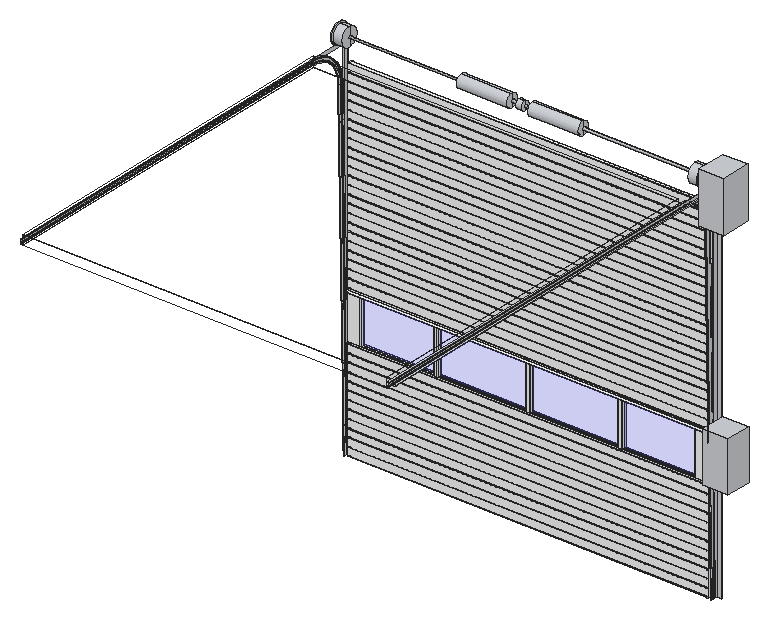
Revit family "EX3718 Complete Door - DraftA", category Doors, host Wall, Revit 2022
Family settings
  Host = Wall
  OmniClass Number = 23.30.10.17.37.14
  OmniClass Title = Sectional Overhead Doors
  Always vertical = Yes
  Cut with Voids When Loaded = No
  Shared = No
  Room Calculation Point = No
Parameters (values of type "By Type")
  Windload = "Doors available rated for various design pressures; consult Clopay for avaialbility and specifications"
  VisSection6 = NumSections = 6  # no
  VisSection5 = NumSections > 4  # yes
  VisSection4 = NumSections > 3  # yes
  VisSection3 = NumSections > 2  # yes
  VisArray = NumSections > 6  # yes
  URL = "www.clopaydoor.com"
  Track Type = Track - Standard Lift : 15" Radius
  Track = "Galvanized steel (gauge varies according to door size)"
  Thickness = 0' - 1 3/4"  # constant formula
  Spec Wizard = "http://www.arcat.com/specwizard/08360clo/index.htm"
  Section Height = Height / NumSections  # 2' - 0"
  Section 5 Glazing = Section : Solid
  Section 4 Glazing = Section : Solid
  Section 3 Glazing = Full Vision Section : Intermediate
  Sales Information = "http://www.clopaydoor.com/where-to-buy.aspx?type=dealer"
  Rough Width = 0' - 0"  # constant formula
  Rough Height = 0' - 0"  # constant formula
  Roof Pitch = 0
  R-Value = "15.05"
  Product Features and Benefits = "http://www.clopaydoor.com/insulated-polyurethane-applications.aspx"
  Overlapping Jamb = yes
  Overlap = if(Overlapping Jamb, 0' 1", 0' 0")  # 0' - 1"
  Opening Width = 14' - 2"
  Opening Height = 14' - 0"
  Opener - Right Side = yes
  Opener - Left Side = not([Opener - Right Side])  # no
  Omniclass Table = "23-30 10 17 37 "
  NumSectionsNotRounded = Height / 2' 0"  # 7
  NumSections = NumSectionsNotRounded + 0.4999  # 7
  NumArraySections = if(NumSections > 6, NumSections - 5, 2)  # 2
  Model = "3718"
  Minimum Size = "8' 0'' wide x 7' 0'' high"  # constant formula
  Maximum Size = "16' 2'' wide x 14' 0'' high"  # constant formula
  Manufacturer Website = "http://www.clopaydoor.com"
  Manufacturer Phone Number = "1-800-526-4301"
  Manufacturer Address = "1400 W. Market St., Troy, OH 45373"
  Manufacturer = "Clopay Building Products Company"
  LEED = "http://products.construction.com/swts_content_files/151607/303186.pdf"
  Keynote = "08 36 13"
  Interior Steel = "27 ga. galvanized, primed, and finish painted"
  High Lift = 12' - 0"
  Hardware = "14 ga. min. steel hinges; 10-ball steel rollers"
  GreenFormat = "http://www.greenformat.com/products/1536-Polyurethane%20Insulated%20Doors.rtf"
  Function = Interior
  Height = Opening Height + Rough Width * 0  # 14' - 0"
  Wall Closure = By host
  Width = Opening Width + Rough Width * 0  # 14' - 2"
  FloorToSection7 = 6 * Section Height  # 12' - 0"
  FloorToSection6 = 5 * Section Height  # 10' - 0"
  FloorToSection5 = 4 * Section Height  # 8' - 0"
  FloorToSection4 = 3 * Section Height  # 6' - 0"
  FloorToSection3 = 2 * Section Height  # 4' - 0"
  FloorToSection2 = Section Height  # 2' - 0"
  File Revision = "02 (August, 2012)"
  Exterior Steel = "27 ga. galvanized, primed, and finish painted"
  Double End Stiles = 1 = 1  # yes
  Door Width = Opening Width + Overlap * 2  # 14' - 4"
  Door Height = Opening Height + Rough Width * 0  # 14' - 0"
  Description = "1-3/4'' thick polyurethane insulated, stucco embossed 20 gauge steel flush exterior."
  Core Material = "Expanded polyurethane"
  Copyright = "2010, Clopay Building Products Company, Inc."
  Control Box Right Side = [Opener - Right Side]  # yes
  Control Box Left Side = [Opener - Left Side]  # no
  Color = White
  CAD and Specifications = "http://www.clopaydoor.com/insulated-polyurethane-specs.aspx"
  Assembly Code = "B2030410"
Reference planes (in)
  plane 1 "Center (Front/Back)": y = 0
  plane 2 "Center (Left/Right)": x = 0
  plane 3 "Left": x = -85
  plane 4 "Right": x = 85
  plane 5 "Top": z = 168
  plane 6 "Exterior": y = 3
  plane 7 "Interior": y = -3
  plane 8: z = 120
  plane 9: z = 144
Lines and regions (in)
  Opening 1
    outline origin (-90, -3, 0) x (1, 0, 0) y (0, 0, 1)
      loop
        line (5, 0) -> (175, 0) -> (175, 168) -> (5, 168) -> (5, 0)
Text (in)
  text "Exterior" at (-74.96733, 27.31104, 0), in view "Ref. Level"
  text "Interior" at (-74.96733, -25.14366, 0), in view "Ref. Level"
  text "Exterior" at (0, 40.15149, 123.01588), in view "Right"
  text "Interior" at (0, -64.39139, 123.01588), in view "Right"
  text "Interior" at (0, -31.01599, 123.00693), in view "Left"
  text "Exterior" at (0, 54.57065, 123.00693), in view "Left"
Dimensions and locks (in)
  equal spacing: plane 3 "Left", plane 2 "Center (Left/Right)", plane 4 "Right"
  "Height": level to plane 5 "Top"
  "Width": plane 3 "Left" to plane 4 "Right"
  host wall to plane 5 "Top" = 14' - 0"
  nested 1 to plane 7 "Interior" = 0' - 0 1/2"
  "FloorToSection6": plane 8 to level
  "FloorToSection7": plane 9 to level
  group 1 to group 2 = 0' - 0"  (x2)
  group 1 to group 2 = 2' - 0"
  host wall to host wall = 67' - 6"
  aligned and locked: plane 3 "Left" to Opening 1 sketch curve
  aligned and locked: plane 5 "Top" to Opening 1 sketch curve
  aligned and locked: Opening 1 sketch curve to plane 5 "Top"
  aligned and locked: Opening 1 sketch curve to plane 4 "Right"
  aligned and locked: Opening 1 sketch curve to level
  aligned and locked: plane 6 "Exterior" to host wall
  aligned and locked: host wall to plane 7 "Interior"
  aligned and locked: plane 2 "Center (Left/Right)" to nested 2
  aligned and locked: plane 2 "Center (Left/Right)" to nested 3
  aligned and locked: plane 2 "Center (Left/Right)" to nested 4
  aligned and locked: plane 2 "Center (Left/Right)" to nested 5
  aligned and locked: plane 2 "Center (Left/Right)" to nested 7
  aligned and locked: nested 7 to plane 8
  aligned and locked: nested 8 to plane 9
  aligned and locked: plane 7 "Interior" to nested 2
  aligned and locked: plane 7 "Interior" to nested 7
  aligned and locked: host wall to nested 8
  aligned and locked: plane 7 "Interior" to nested 3
  aligned and locked: host wall to nested 3
  aligned and locked: plane 7 "Interior" to nested 1
  aligned and locked: nested 2 to host wall
  aligned and locked: plane 7 "Interior" to nested 6
  aligned and locked: plane 7 "Interior" to nested 5
  aligned and locked: host wall to nested 7
  aligned and locked: plane 7 "Interior" to nested 4
  aligned and locked: nested 11 to plane 2 "Center (Left/Right)"
Nested families (in)
  nested 1: "Section" at (0, 0, 0), type "Solid"
    with X9 0' - 8 1/2", X8 0' - 8 1/2", X7 0' - 8 1/2", X6 0' - 8 1/2", X5 0' - 8 1/2", X4 11' - 8 1/2", X3 8' - 0 1/2", X2 4' - 4 1/2", WindowVis no, WindowCutDepth -0' - 0 13/128", Half Door Width Neg -7' - 2", Half Door Width 7' - 2", Half Cutout Height 0' - 3 1/2", X1 0' - 8 1/2", Door Width 14' - 4", Cutout Height 0' - 7"
  nested 2: "Section" at (0, 0, 24), built-in parameter 1001364 <- "Section Height", type "Solid"
    with X9 0' - 8 1/2", X8 0' - 8 1/2", X7 0' - 8 1/2", X6 0' - 8 1/2", X5 0' - 8 1/2", X4 11' - 8 1/2", X3 8' - 0 1/2", X2 4' - 4 1/2", WindowVis no, WindowCutDepth -0' - 0 13/128", Half Door Width Neg -7' - 2", Half Door Width 7' - 2", Half Cutout Height 0' - 3 1/2", X1 0' - 8 1/2", Door Width 14' - 4", Cutout Height 0' - 7"
  nested 3: "Full Vision Section" at (0, 0, 48), type <- "Section 3 Glazing", built-in parameter 1001364 <- "FloorToSection3", visible <- "VisSection3", type "Intermediate"
    with SingleStileVis no, Rail Width 14' - 3 13/16", NumIntStiles 3, Half Rail Width 7' - 1 29/32", Half Door Width 7' - 2", Glass Width 14' - 2 13/16", End Stile Face 0' - 6", Edge to 1st Int Stile 3' - 6", Double End Stiles yes, Door Width 14' - 4", ArrayStileVis yes, ArrayIntStiles 3
  nested 4: "Section" at (0, 0, 120), built-in parameter 1001364 <- "FloorToSection6", visible <- "VisSection6", type "Solid"
    with X9 0' - 8 1/2", X8 0' - 8 1/2", X7 0' - 8 1/2", X6 0' - 8 1/2", X5 0' - 8 1/2", X4 11' - 8 1/2", X3 8' - 0 1/2", X2 4' - 4 1/2", WindowVis no, WindowCutDepth -0' - 0 13/128", Half Door Width Neg -7' - 2", Half Door Width 7' - 2", Half Cutout Height 0' - 3 1/2", X1 0' - 8 1/2", Door Width 14' - 4", Cutout Height 0' - 7"
  nested 5: "Section" at (0, 0, 96), built-in parameter 1001364 <- "FloorToSection5", type <- "Section 5 Glazing", visible <- "VisSection5", type "Solid"
    with X9 0' - 8 1/2", X8 0' - 8 1/2", X7 0' - 8 1/2", X6 0' - 8 1/2", X5 0' - 8 1/2", X4 11' - 8 1/2", X3 8' - 0 1/2", X2 4' - 4 1/2", WindowVis no, WindowCutDepth -0' - 0 13/128", Half Door Width Neg -7' - 2", Half Door Width 7' - 2", Half Cutout Height 0' - 3 1/2", X1 0' - 8 1/2", Door Width 14' - 4", Cutout Height 0' - 7"
  nested 6: "Section" at (0, 0, 72), type <- "Section 4 Glazing", built-in parameter 1001364 <- "FloorToSection4", visible <- "VisSection4", type "Solid"
    with X9 0' - 8 1/2", X8 0' - 8 1/2", X7 0' - 8 1/2", X6 0' - 8 1/2", X5 0' - 8 1/2", X4 11' - 8 1/2", X3 8' - 0 1/2", X2 4' - 4 1/2", WindowVis no, WindowCutDepth -0' - 0 13/128", Half Door Width Neg -7' - 2", Half Door Width 7' - 2", Half Cutout Height 0' - 3 1/2", X1 0' - 8 1/2", Door Width 14' - 4", Cutout Height 0' - 7"
  nested 7: "Section" at (0, 0, 120), visible <- "VisArray", type "Solid"
    with X9 0' - 8 1/2", X8 0' - 8 1/2", X7 0' - 8 1/2", X6 0' - 8 1/2", X5 0' - 8 1/2", X4 11' - 8 1/2", X3 8' - 0 1/2", X2 4' - 4 1/2", WindowVis no, WindowCutDepth -0' - 0 13/128", Half Door Width Neg -7' - 2", Half Door Width 7' - 2", Half Cutout Height 0' - 3 1/2", X1 0' - 8 1/2", Door Width 14' - 4", Cutout Height 0' - 7"
  nested 8: "Section" at (0, 0, 144), visible <- "VisArray", type "Solid"
    with X9 0' - 8 1/2", X8 0' - 8 1/2", X7 0' - 8 1/2", X6 0' - 8 1/2", X5 0' - 8 1/2", X4 11' - 8 1/2", X3 8' - 0 1/2", X2 4' - 4 1/2", WindowVis no, WindowCutDepth -0' - 0 13/128", Half Door Width Neg -7' - 2", Half Door Width 7' - 2", Half Cutout Height 0' - 3 1/2", X1 0' - 8 1/2", Door Width 14' - 4", Cutout Height 0' - 7"
  nested 9: "Section" at (0, 4.67704, 636.93806), type "Windows - 24x8", not visible
    with X9 0' - 8 1/2", X8 0' - 8 1/2", X7 0' - 8 1/2", X6 0' - 8 1/2", X5 0' - 8 1/2", X4 11' - 8 1/2", X3 8' - 0 1/2", X2 4' - 4 1/2", Half Door Width Neg -7' - 2", Half Door Width 7' - 2", Half Cutout Height 0' - 3 1/2", X1 0' - 8 1/2", Door Width 14' - 4", Cutout Height 0' - 7"
  nested 10: "Section" at (0, 4.63986, 609.3176), type "Windows - 24x12", not visible
    with X9 0' - 8 1/2", X8 0' - 8 1/2", X7 0' - 8 1/2", X6 0' - 8 1/2", X5 0' - 8 1/2", X4 11' - 8 1/2", X3 8' - 0 1/2", X2 4' - 4 1/2", Half Door Width Neg -7' - 2", Half Door Width 7' - 2", X1 0' - 8 1/2", Door Width 14' - 4"
  nested 11: "Track - Standard Lift" at (0, 0, 0) x (-1, 0, 0) z (0, 0, 1), type <- "Track Type", type "15" Radius"
    with Operator - Jack Shaft Right yes, Operator - Jack Shaft Left no
Definition of nested family "Section"
  Parameters
    X9 = if(if(NumArrayedWindows < NumWindows, NumArrayedWindows + 1, NumWindows) < 9, X1, X8 + WindowSpacing)  # 0' - 7 1/2"
    X8 = if(if(NumArrayedWindows < NumWindows, NumArrayedWindows + 1, NumWindows) < 8, X1, X7 + WindowSpacing)  # 0' - 7 1/2"
    X7 = if(if(NumArrayedWindows < NumWindows, NumArrayedWindows + 1, NumWindows) < 7, X1, X6 + WindowSpacing)  # 0' - 7 1/2"
    X6 = if(if(NumArrayedWindows < NumWindows, NumArrayedWindows + 1, NumWindows) < 6, X1, X5 + WindowSpacing)  # 0' - 7 1/2"
    X5 = if(if(NumArrayedWindows < NumWindows, NumArrayedWindows + 1, NumWindows) < 5, X1, X4 + WindowSpacing)  # 0' - 7 1/2"
    X4 = if(if(NumArrayedWindows < NumWindows, NumArrayedWindows + 1, NumWindows) < 4, X1, X3 + WindowSpacing)  # 11' - 7 1/2"
    X3 = if(NumWindows < 3, X1, X2 + WindowSpacing)  # 7' - 11 1/2"
    X2 = if(NumWindows < 2, ((Door Width - (NumWindows - 1) * WindowSpacing) / 2 - Cutout Width / 2), ((Door Width - (NumWindows - 1) * WindowSpacing) / 2 - Cutout Width / 2) + WindowSpacing)  # 4' - 3 1/2"
    Windows = 37xx Window Array : 24x12
    WindowVis = yes
    WindowSpacing = if(and(Door Width < 10' 0", Door Width > 9' 2"), 3' 4", 3' 8")  # 3' - 8"
    WindowCutDepth = 0' - 2"
    Section Height = 2' - 0"
    RibSpacing = Section Height / (NumRibs + 1)  # 0' - 4"
    NumWindows = if(Door Width < 9' 4", 2, if(Door Width < 13' 4", 3, if(Door Width < 16' 4", 4, if(Door Width < 20' 4", 5, if(Door Width < 24' 4", 6, if(Door Width < 26' 4", 7, if(Door Width < 31' 8", 8, 10)))))))  # 4
    NumRibs = if(Section Height < 1' 9", 3, if(Section Height < 2' 0", 4, 5))  # 5
    NumArrayedWindows = if(X2 = X1, NumWindows - 2, NumWindows)  # 4
    Half Section Height = Section Height / 2  # 1' - 0"
    Half Door Width Neg = -Half Door Width  # -7' - 1"
    Half Door Width = Door Width / 2  # 7' - 1"
    Half Cutout Height = Cutout Height / 2  # 0' - 5 1/2"
    Function = (empty or 0)
    Height = 0' - 0"
    Wall Closure = (empty or 0)
    Width = 0' - 0"
    X1 = if(or(Door Width > 31' 6", and(Door Width > 26' 2", Door Width < 28' 1"), Door Width = 24' 3", Door Width = 24' 4", and(Door Width > 20' 2", Door Width < 20' 11"), and(Door Width > 16' 2", Door Width < 17' 3")), X2, (Door Width - (NumWindows - 1) * WindowSpacing) / 2 - Cutout Width / 2)  # 0' - 7 1/2"
    Door Width = 14' - 2"
    CutoutToCutout = 1' - 0"
    Cutout Width = 1' - 11"
    Cutout Height = 0' - 11"
    Color = none
    BtmTo1stRib = RibSpacing  # 0' - 4"
    Assembly Code = ""
  Reference planes (in)
    plane 1 "Center (Front/Back)": y = 0
    plane 2 "Center (Left/Right)": x = 0
    plane 3 "Exterior": y = 3
    plane 4 "Interior": y = -3
    plane 5: y = -3.5
    plane 6: x = 85
    plane 7: x = -85
    plane 8: z = 4
    plane 9: z = 8
    plane 10: z = 24
    plane 11: z = 12
    plane 12: z = 0
  Forms (in)
    Extrusion 1, solid, material <- "Color"
      sketch origin (-85, -12, 83.08252) x (0, 0, 1) y (0, -1, 0)
        loop
          line (-59.08252, -8.37573) -> (-59.08252, -6.62444)
          arc (-59.08252, -6.62444) -> (-59.11897, -6.53645) -> (-59.20696, -6.5) r 0.12444
          line (-59.20696, -6.5) -> (-82.95809, -6.5)
          arc (-82.95809, -6.5) -> (-83.04608, -6.53645) -> (-83.08252, -6.62444) r 0.12444
          line (-83.08252, -6.62444) -> (-83.08252, -8.37573)
          arc (-83.08252, -8.37573) -> (-83.04612, -8.4636) -> (-82.95825, -8.5) r 0.12427
          line (-82.95825, -8.5) -> (-59.20679, -8.5)
          arc (-59.20679, -8.5) -> (-59.11892, -8.4636) -> (-59.08252, -8.37573) r 0.12427
      from 0 to 170 <- "Door Width"
    Extrusion 2, void
      sketch origin (0, -8.99984, -0.5) x (0, 1, 0) y (0, 0, -1)
        loop
          line (3.5, -4.62727) -> (3.53032, -4.58058)
          arc (3.53032, -4.58058) -> (3.53753, -4.56494) -> (3.54, -4.5479) r 0.06
          line (3.54, -4.5479) -> (3.54, -4.4521)
          arc (3.54, -4.4521) -> (3.53753, -4.43506) -> (3.53032, -4.41942) r 0.06
          line (3.53032, -4.41942) -> (3.5, -4.37273) -> (3.5, -4.62727)
      from -85 <- "Half Door Width Neg" to 170 <- "Door Width"
    Extrusion 3, void
      sketch origin (0, -8.99984, 3.5) x (0, 1, 0) y (0, 0, -1)
        loop
          line (3.5, -4.62727) -> (3.53032, -4.58058)
          arc (3.53032, -4.58058) -> (3.53753, -4.56494) -> (3.54, -4.5479) r 0.06
          line (3.54, -4.5479) -> (3.54, -4.4521)
          arc (3.54, -4.4521) -> (3.53753, -4.43506) -> (3.53032, -4.41942) r 0.06
          line (3.53032, -4.41942) -> (3.5, -4.37273) -> (3.5, -4.62727)
      from -85 <- "Half Door Width Neg" to 170 <- "Door Width"
    Extrusion 4, void
      sketch origin (0, -8.99984, 7.5) x (0, 1, 0) y (0, 0, -1)
        loop
          line (3.5, -4.62727) -> (3.53032, -4.58058)
          arc (3.53032, -4.58058) -> (3.53753, -4.56494) -> (3.54, -4.5479) r 0.06
          line (3.54, -4.5479) -> (3.54, -4.4521)
          arc (3.54, -4.4521) -> (3.53753, -4.43506) -> (3.53032, -4.41942) r 0.06
          line (3.53032, -4.41942) -> (3.5, -4.37273) -> (3.5, -4.62727)
      from -85 <- "Half Door Width Neg" to 170 <- "Door Width"
    Extrusion 5, void
      sketch origin (-98.15385, -3.5, 48) x (1, 0, 0) y (0, 0, 1)
        loop
          line (175.65385, -30.5) -> (152.65385, -30.5) -> (152.65385, -36) -> (175.65385, -36) -> (175.65385, -30.5)
      from 0 to 2 <- "WindowCutDepth"
    Extrusion 6, void
      sketch origin (-98.15385, -3.5, -24) x (1, 0, 0) y (0, 0, 1)
        loop
          line (175.65385, 30.5) -> (175.65385, 36) -> (152.65385, 36) -> (152.65385, 30.5) -> (175.65385, 30.5)
      from 0 to 2 <- "WindowCutDepth"
    Extrusion 7, void
      sketch origin (-136.15385, -3.5, 48) x (1, 0, 0) y (0, 0, 1)
        loop
          line (169.65385, -30.5) -> (146.65385, -30.5) -> (146.65385, -36) -> (169.65385, -36) -> (169.65385, -30.5)
      from 0 to 2 <- "WindowCutDepth"
    Extrusion 8, void
      sketch origin (-136.15385, -3.5, -24) x (1, 0, 0) y (0, 0, 1)
        loop
          line (169.65385, 30.5) -> (169.65385, 36) -> (146.65385, 36) -> (146.65385, 30.5) -> (169.65385, 30.5)
      from 0 to 2 <- "WindowCutDepth"
    Extrusion 9, void
      sketch origin (-171.15385, -3.5, 48) x (1, 0, 0) y (0, 0, 1)
        loop
          line (160.65385, -30.5) -> (137.65385, -30.5) -> (137.65385, -36) -> (160.65385, -36) -> (160.65385, -30.5)
      from 0 to 2 <- "WindowCutDepth"
    Extrusion 10, void
      sketch origin (-171.15385, -3.5, -24) x (1, 0, 0) y (0, 0, 1)
        loop
          line (160.65385, 30.5) -> (160.65385, 36) -> (137.65385, 36) -> (137.65385, 30.5) -> (160.65385, 30.5)
      from 0 to 2 <- "WindowCutDepth"
    Extrusion 11, void
      sketch origin (-214.15385, -3.5, 48) x (1, 0, 0) y (0, 0, 1)
        loop
          line (159.65385, -30.5) -> (136.65385, -30.5) -> (136.65385, -36) -> (159.65385, -36) -> (159.65385, -30.5)
      from 0 to 2 <- "WindowCutDepth"
    Extrusion 12, void
      sketch origin (-214.15385, -3.5, -24) x (1, 0, 0) y (0, 0, 1)
        loop
          line (159.65385, 30.5) -> (159.65385, 36) -> (136.65385, 36) -> (136.65385, 30.5) -> (159.65385, 30.5)
      from 0 to 2 <- "WindowCutDepth"
    Extrusion 13, void
      sketch origin (-256.15385, -3.5, 48) x (1, 0, 0) y (0, 0, 1)
        loop
          line (333.65385, -30.5) -> (310.65385, -30.5) -> (310.65385, -36) -> (333.65385, -36) -> (333.65385, -30.5)
      from 0 to 2 <- "WindowCutDepth"
    Extrusion 14, void
      sketch origin (-256.15385, -3.5, -24) x (1, 0, 0) y (0, 0, 1)
        loop
          line (333.65385, 30.5) -> (333.65385, 36) -> (310.65385, 36) -> (310.65385, 30.5) -> (333.65385, 30.5)
      from 0 to 2 <- "WindowCutDepth"
    Extrusion 15, void
      sketch origin (-294.15385, -3.5, 48) x (1, 0, 0) y (0, 0, 1)
        loop
          line (371.65385, -30.5) -> (348.65385, -30.5) -> (348.65385, -36) -> (371.65385, -36) -> (371.65385, -30.5)
      from 0 to 2 <- "WindowCutDepth"
    Extrusion 16, void
      sketch origin (-294.15385, -3.5, -24) x (1, 0, 0) y (0, 0, 1)
        loop
          line (371.65385, 30.5) -> (371.65385, 36) -> (348.65385, 36) -> (348.65385, 30.5) -> (371.65385, 30.5)
      from 0 to 2 <- "WindowCutDepth"
    Extrusion 17, void
      sketch origin (-331.15385, -3.5, 48) x (1, 0, 0) y (0, 0, 1)
        loop
          line (408.65385, -30.5) -> (385.65385, -30.5) -> (385.65385, -36) -> (408.65385, -36) -> (408.65385, -30.5)
      from 0 to 2 <- "WindowCutDepth"
    Extrusion 18, void
      sketch origin (-331.15385, -3.5, -24) x (1, 0, 0) y (0, 0, 1)
        loop
          line (408.65385, 30.5) -> (408.65385, 36) -> (385.65385, 36) -> (385.65385, 30.5) -> (408.65385, 30.5)
      from 0 to 2 <- "WindowCutDepth"
    Extrusion 19, void
      sketch origin (-368.15385, -3.5, 48) x (1, 0, 0) y (0, 0, 1)
        loop
          line (445.65385, -30.5) -> (422.65385, -30.5) -> (422.65385, -36) -> (445.65385, -36) -> (445.65385, -30.5)
      from 0 to 2 <- "WindowCutDepth"
    Extrusion 20, void
      sketch origin (-368.15385, -3.5, -24) x (1, 0, 0) y (0, 0, 1)
        loop
          line (445.65385, 30.5) -> (445.65385, 36) -> (422.65385, 36) -> (422.65385, 30.5) -> (445.65385, 30.5)
      from 0 to 2 <- "WindowCutDepth"
    Extrusion 21, void
      sketch origin (-407.15385, -3.5, 48) x (1, 0, 0) y (0, 0, 1)
        loop
          line (484.65385, -30.5) -> (461.65385, -30.5) -> (461.65385, -36) -> (484.65385, -36) -> (484.65385, -30.5)
      from 0 to 2 <- "WindowCutDepth"
    Extrusion 22, void
      sketch origin (-407.15385, -3.5, -24) x (1, 0, 0) y (0, 0, 1)
        loop
          line (484.65385, 30.5) -> (484.65385, 36) -> (461.65385, 36) -> (461.65385, 30.5) -> (484.65385, 30.5)
      from 0 to 2 <- "WindowCutDepth"
    Extrusion 23, void
      sketch origin (0, -8.99984, 11.5) x (0, 1, 0) y (0, 0, -1)
        loop
          line (3.5, -4.62727) -> (3.53032, -4.58058)
          arc (3.53032, -4.58058) -> (3.53753, -4.56494) -> (3.54, -4.5479) r 0.06
          line (3.54, -4.5479) -> (3.54, -4.4521)
          arc (3.54, -4.4521) -> (3.53753, -4.43506) -> (3.53032, -4.41942) r 0.06
          line (3.53032, -4.41942) -> (3.5, -4.37273) -> (3.5, -4.62727)
      from -85 <- "Half Door Width Neg" to 170 <- "Door Width"
    Extrusion 24, void
      sketch origin (0, -8.99984, 15.5) x (0, 1, 0) y (0, 0, -1)
        loop
          line (3.5, -4.62727) -> (3.53032, -4.58058)
          arc (3.53032, -4.58058) -> (3.53753, -4.56494) -> (3.54, -4.5479) r 0.06
          line (3.54, -4.5479) -> (3.54, -4.4521)
          arc (3.54, -4.4521) -> (3.53753, -4.43506) -> (3.53032, -4.41942) r 0.06
          line (3.53032, -4.41942) -> (3.5, -4.37273) -> (3.5, -4.62727)
      from -85 <- "Half Door Width Neg" to 170 <- "Door Width"
  Cuts and joins
    Extrusion 2, Extrusion 3, Extrusion 4, Extrusion 5, Extrusion 6, Extrusion 7, Extrusion 8, Extrusion 9, Extrusion 10, Extrusion 11, Extrusion 12, Extrusion 13, Extrusion 14, Extrusion 15, Extrusion 16, Extrusion 17, Extrusion 18, Extrusion 19, Extrusion 20, Extrusion 21, Extrusion 22, Extrusion 23, Extrusion 24 cuts Extrusion 1
  Lines and regions (in)
    reference lines
      curve 1: line (-72, -3.54, 4) -> (-72, -3.5, 4)
      curve 2: line (-72, -5.45984, 4) -> (-72, -5.49984, 4)
      curve 3: line (-72, -3.54, 8) -> (-72, -3.5, 8)
      curve 4: line (-72, -3.54, 12) -> (-72, -3.5, 12)
      curve 5: line (-72, -5.45984, 4) -> (-72, -5.49984, 4)
      curve 6: line (-72, -5.45984, 8) -> (-72, -5.49984, 8)
      curve 7: line (-72, -5.45984, 12) -> (-72, -5.49984, 12)
      curve 8: line (-72, -3.54, 16) -> (-72, -3.5, 16)
      curve 9: line (-72, -5.45984, 16) -> (-72, -5.49984, 16)
      curve 10: line (-72, -3.54, 20) -> (-72, -3.5, 20)
      curve 11: line (-72, -5.45984, 20) -> (-72, -5.49984, 20)
  Text (in)
    text "Exterior" at (-74.96733, 27.31104, 0), in view "Ref. Level"
    text "Interior" at (-74.96733, -25.14366, 0), in view "Ref. Level"
    text "Exterior" at (0, 40.15149, 123.01588), in view "Right"
    text "Interior" at (0, -64.39139, 123.01588), in view "Right"
    text "Interior" at (0, -31.01599, 123.00693), in view "Left"
    text "Exterior" at (0, 54.57065, 123.00693), in view "Left"
  Dimensions and locks (in)
    plane 4 "Interior" to plane 5 = 0' - 0 1/2"
    "Half Door Width": plane 2 "Center (Left/Right)" to plane 7
    "Half Door Width": plane 6 to plane 2 "Center (Left/Right)"
    Extrusion 1 sketch curve to Extrusion 1 sketch curve = 0' - 2"
    "BtmTo1stRib": plane 8 to level
    "RibSpacing": plane 9 to plane 8
    "Section Height": plane 10 to level
    equal spacing: group 1, group 2, group 3, group 4, group 5  (x3)
    Extrusion 2 sketch curve to Extrusion 2 sketch curve = 0' - 0.25454"
    Extrusion 2 sketch curve to Extrusion 2 sketch curve = 0' - 0.04"  (x2)
    Extrusion 2 sketch curve to curve 5 = 0' - 0.12727"
    Extrusion 3 sketch curve to Extrusion 3 sketch curve = 0' - 0.25454"
    Extrusion 3 sketch curve to Extrusion 3 sketch curve = 0' - 0.04"  (x2)
    Extrusion 3 sketch curve to curve 6 = 0' - 0.12727"
    Extrusion 4 sketch curve to Extrusion 4 sketch curve = 0' - 0.25454"
    Extrusion 4 sketch curve to Extrusion 4 sketch curve = 0' - 0.04"  (x2)
    Extrusion 4 sketch curve to curve 7 = 0' - 0.12727"
    "Half Section Height": level to plane 11
    "Cutout Width": Extrusion 5 sketch curve to Extrusion 5 sketch curve
    "Half Cutout Height": Extrusion 5 sketch curve to Extrusion 5 sketch curve
    "Cutout Width": Extrusion 6 sketch curve to Extrusion 6 sketch curve
    "Half Cutout Height": Extrusion 6 sketch curve to Extrusion 6 sketch curve
    "X1": cut or joined group 1 (Extrusion 1, Extrusion 2, Extrusion 3, Extrusion 4, Extrusion 5, Extrusion 6, Extrusion 7, Extrusion 8, Extrusion 9, Extrusion 10, Extrusion 11, Extrusion 12, Extrusion 13, Extrusion 14, Extrusion 15, Extrusion 16, Extrusion 17, Extrusion 18, Extrusion 19, Extrusion 20, Extrusion 21, Extrusion 22, Extrusion 23, Extrusion 24) to cut or joined group 1
    "Cutout Width": Extrusion 7 sketch curve to Extrusion 7 sketch curve
    "Half Cutout Height": Extrusion 7 sketch curve to Extrusion 7 sketch curve
    "Cutout Width": Extrusion 8 sketch curve to Extrusion 8 sketch curve
    "Half Cutout Height": Extrusion 8 sketch curve to Extrusion 8 sketch curve
    "Cutout Width": Extrusion 9 sketch curve to Extrusion 9 sketch curve
    "Half Cutout Height": Extrusion 9 sketch curve to Extrusion 9 sketch curve
    "Cutout Width": Extrusion 10 sketch curve to Extrusion 10 sketch curve
    "Half Cutout Height": Extrusion 10 sketch curve to Extrusion 10 sketch curve
    "X2": plane 6 to cut or joined group 1
    "X3": plane 6 to cut or joined group 1
    "Cutout Width": Extrusion 11 sketch curve to Extrusion 11 sketch curve
    "Half Cutout Height": Extrusion 11 sketch curve to Extrusion 11 sketch curve
    "Cutout Width": Extrusion 12 sketch curve to Extrusion 12 sketch curve
    "Half Cutout Height": Extrusion 12 sketch curve to Extrusion 12 sketch curve
    "Cutout Width": Extrusion 13 sketch curve to Extrusion 13 sketch curve
    "Half Cutout Height": Extrusion 13 sketch curve to Extrusion 13 sketch curve
    "Cutout Width": Extrusion 14 sketch curve to Extrusion 14 sketch curve
    "Half Cutout Height": Extrusion 14 sketch curve to Extrusion 14 sketch curve
    "Cutout Width": Extrusion 15 sketch curve to Extrusion 15 sketch curve
    "Half Cutout Height": Extrusion 15 sketch curve to Extrusion 15 sketch curve
    "Cutout Width": Extrusion 16 sketch curve to Extrusion 16 sketch curve
    "Half Cutout Height": Extrusion 16 sketch curve to Extrusion 16 sketch curve
    "Cutout Width": Extrusion 17 sketch curve to Extrusion 17 sketch curve
    "Half Cutout Height": Extrusion 17 sketch curve to Extrusion 17 sketch curve
    "Cutout Width": Extrusion 18 sketch curve to Extrusion 18 sketch curve
    "Half Cutout Height": Extrusion 18 sketch curve to Extrusion 18 sketch curve
    "Cutout Width": Extrusion 19 sketch curve to Extrusion 19 sketch curve
    "Half Cutout Height": Extrusion 19 sketch curve to Extrusion 19 sketch curve
    "Cutout Width": Extrusion 20 sketch curve to Extrusion 20 sketch curve
    "Half Cutout Height": Extrusion 20 sketch curve to Extrusion 20 sketch curve
    "Cutout Width": Extrusion 21 sketch curve to Extrusion 21 sketch curve
    "Half Cutout Height": Extrusion 21 sketch curve to Extrusion 21 sketch curve
    "Cutout Width": Extrusion 22 sketch curve to Extrusion 22 sketch curve
    "Half Cutout Height": Extrusion 22 sketch curve to Extrusion 22 sketch curve
    "X4": plane 6 to cut or joined group 1
    "X5": plane 6 to cut or joined group 1
    "X6": plane 6 to cut or joined group 1
    "X7": plane 6 to cut or joined group 1
    "X8": plane 6 to cut or joined group 1
    "X9": plane 6 to cut or joined group 1
    locked: nested 1 to cut or joined group 1 at 1  (x2)
    locked: nested 1 to cut or joined group 1 at 0.125
    Extrusion 23 sketch curve to Extrusion 23 sketch curve = 0' - 0.25454"
    Extrusion 23 sketch curve to Extrusion 23 sketch curve = 0' - 0.04"  (x2)
    Extrusion 23 sketch curve to curve 9 = 0' - 0.12727"
    Extrusion 24 sketch curve to Extrusion 24 sketch curve = 0' - 0.25454"
    Extrusion 24 sketch curve to Extrusion 24 sketch curve = 0' - 0.04"  (x2)
    Extrusion 24 sketch curve to curve 11 = 0' - 0.12727"
    locked: plane 4 "Interior" to cut or joined group 1 at 0.5
    radius of Extrusion 1 sketch curve = 0' - 0.12427"  (x2)
    radius of Extrusion 1 sketch curve = 0' - 0.12444"  (x2)
    angle Extrusion 2 sketch curve to Extrusion 2 sketch curve = 147.00°  (x2)
    angle Extrusion 3 sketch curve to Extrusion 3 sketch curve = 147.00°  (x2)
    angle Extrusion 4 sketch curve to Extrusion 4 sketch curve = 147.00°  (x2)
    angle Extrusion 23 sketch curve to Extrusion 23 sketch curve = 147.00°  (x2)
    angle Extrusion 24 sketch curve to Extrusion 24 sketch curve = 147.00°  (x2)
    aligned and locked: Extrusion 1 sketch curve to plane 5
    aligned and locked: plane 8 to curve 1
    aligned and locked: plane 9 to curve 3
    aligned and locked: Extrusion 5 sketch curve to plane 11
    aligned and locked: plane 11 to Extrusion 6 sketch curve
    aligned and locked: cut or joined group 1 to cut or joined group 1  (x9)
    aligned and locked: plane 12 to level
  Automatic sketch dimensions
    curve 2 to curve 1 = 0' - 1.91984"
    curve 1 to curve 1 = 0' - 0.04"  (x2)
    curve 1 to curve 2 = 0' - 1.91984"
    curve 2 to curve 2 = 0' - 0.04"  (x2)
    curve 5 to curve 1 = 0' - 0"
    curve 1 to curve 5 = 0' - 1.91984"
    curve 5 to curve 5 = 0' - 0.04"
    Extrusion 2 sketch curve to Extrusion 2 sketch curve = 0' - 0"
    Extrusion 2 sketch curve to Extrusion 2 sketch curve = 0' - 0.02"
    Extrusion 2 sketch curve to Extrusion 2 sketch curve = 0' - 0.00968"  (x2)
    curve 6 to curve 3 = 0' - 0"
    curve 3 to curve 3 = 0' - 0.04"
    curve 3 to curve 6 = 0' - 1.91984"
    curve 6 to curve 6 = 0' - 0.04"
    curve 7 to curve 4 = 0' - 0"
    curve 4 to curve 4 = 0' - 0.04"
    curve 4 to curve 7 = 0' - 1.91984"
    curve 7 to curve 7 = 0' - 0.04"
    Extrusion 4 sketch curve to Extrusion 4 sketch curve = 0' - 0.00968"
    Extrusion 3 sketch curve to Extrusion 3 sketch curve = 0' - 0.00968"
    curve 2 to plane 8 = 0' - 0"
    curve 2 to plane 5 = 0' - 1.95984"
    Extrusion 5 sketch curve to plane 6 = 2' - 6 1/2"
    Extrusion 6 sketch curve to plane 6 = 2' - 6 1/2"
    Extrusion 7 sketch curve to plane 11 = 0' - 0"
    Extrusion 7 sketch curve to plane 6 = 6' - 2 1/2"
    Extrusion 8 sketch curve to plane 11 = 0' - 0"
    Extrusion 8 sketch curve to plane 6 = 6' - 2 1/2"
    Extrusion 9 sketch curve to plane 11 = 0' - 0"
    Extrusion 9 sketch curve to plane 6 = 9' - 10 1/2"
    Extrusion 10 sketch curve to plane 11 = 0' - 0"
    Extrusion 10 sketch curve to plane 6 = 9' - 10 1/2"
    Extrusion 11 sketch curve to plane 11 = 0' - 0"
    Extrusion 11 sketch curve to plane 2 "Center (Left/Right)" = 6' - 5 1/2"
    Extrusion 12 sketch curve to plane 11 = 0' - 0"
    Extrusion 12 sketch curve to plane 2 "Center (Left/Right)" = 6' - 5 1/2"
    Extrusion 13 sketch curve to plane 11 = 0' - 0"
    plane 2 "Center (Left/Right)" to Extrusion 13 sketch curve = 4' - 6 1/2"
    Extrusion 14 sketch curve to plane 11 = 0' - 0"
    plane 2 "Center (Left/Right)" to Extrusion 14 sketch curve = 4' - 6 1/2"
    Extrusion 15 sketch curve to plane 11 = 0' - 0"
    plane 2 "Center (Left/Right)" to Extrusion 15 sketch curve = 4' - 6 1/2"
    Extrusion 16 sketch curve to plane 11 = 0' - 0"
    plane 2 "Center (Left/Right)" to Extrusion 16 sketch curve = 4' - 6 1/2"
    Extrusion 17 sketch curve to plane 11 = 0' - 0"
    plane 2 "Center (Left/Right)" to Extrusion 17 sketch curve = 4' - 6 1/2"
    Extrusion 18 sketch curve to plane 11 = 0' - 0"
    plane 2 "Center (Left/Right)" to Extrusion 18 sketch curve = 4' - 6 1/2"
    Extrusion 19 sketch curve to plane 11 = 0' - 0"
    plane 7 to Extrusion 19 sketch curve = 11' - 7 1/2"
    Extrusion 20 sketch curve to plane 11 = 0' - 0"
    plane 7 to Extrusion 20 sketch curve = 11' - 7 1/2"
    Extrusion 21 sketch curve to plane 11 = 0' - 0"
    plane 7 to Extrusion 21 sketch curve = 11' - 7 1/2"
    Extrusion 22 sketch curve to plane 11 = 0' - 0"
    plane 7 to Extrusion 22 sketch curve = 11' - 7 1/2"
    Extrusion 1 sketch curve to plane 10 = 0' - 0"
    Extrusion 1 sketch curve to level = 0' - 0"
    curve 9 to curve 8 = 0' - 0"
    curve 8 to curve 8 = 0' - 0.04"
    curve 8 to curve 9 = 0' - 1.91984"
    curve 9 to curve 9 = 0' - 0.04"
    Extrusion 23 sketch curve to Extrusion 23 sketch curve = 0' - 0"
    Extrusion 23 sketch curve to Extrusion 23 sketch curve = 0' - 0.02"
    Extrusion 23 sketch curve to Extrusion 23 sketch curve = 0' - 0.00968"  (x2)
    curve 11 to curve 10 = 0' - 0"
    curve 10 to curve 10 = 0' - 0.04"
    curve 10 to curve 11 = 0' - 1.91984"
    curve 11 to curve 11 = 0' - 0.04"
    Extrusion 24 sketch curve to Extrusion 24 sketch curve = 0' - 0"
    Extrusion 24 sketch curve to Extrusion 24 sketch curve = 0' - 0.02"
    Extrusion 24 sketch curve to Extrusion 24 sketch curve = 0' - 0.00968"  (x2)
  Nested families (in)
    nested 1: "37xx Window Array" at (66, -3.375, 7.5) x (-1, 0, 0) z (0, 0, 1), type <- "Windows", visible <- "WindowVis", type "24x12"
      with NumWindows 4, Frame Height 1' - 1"
  Definition of nested family "37xx Window Array"
    Parameters
      Window Spacing = 3' - 8"
      NumWindows = 3
      Frame Width = 2' - 1"
      Frame Height = 0' - 9"
      Default Elevation = 0' - 0"
      Color = none
      Assembly Code = ""
    Reference planes (in)
      plane 1 "Center (Front/Back)": y = 0
      plane 2: z = 0
      plane 3 "Center (Left/Right)": x = 0
      plane 4: y = -1
    Forms (in)
      Extrusion 1, solid, material <- "Color"
        sketch origin (-1.38592, 0, 0) x (1, 0, 0) y (0, 0, 1)
          loop
            line (-8.86408, 1.625) -> (11.63592, 1.625)
            arc (11.63592, 1.625) -> (12.07786, 1.80806) -> (12.26092, 2.25) r 0.625
            line (12.26092, 2.25) -> (12.26092, 6.75)
            arc (12.26092, 6.75) -> (12.07786, 7.19194) -> (11.63592, 7.375) r 0.625
            line (11.63592, 7.375) -> (-8.86408, 7.375)
            arc (-8.86408, 7.375) -> (-9.30602, 7.19194) -> (-9.48908, 6.75) r 0.625
            line (-9.48908, 6.75) -> (-9.48908, 2.25)
            arc (-9.48908, 2.25) -> (-9.30602, 1.80806) -> (-8.86408, 1.625) r 0.625
          loop
            line (-10.48908, 0) -> (13.26092, 0)
            arc (13.26092, 0) -> (13.70286, 0.18306) -> (13.88592, 0.625) r 0.625
            line (13.88592, 0.625) -> (13.88592, 8.375)
            arc (13.88592, 8.375) -> (13.70286, 8.81694) -> (13.26092, 9) r 0.625
            line (13.26092, 9) -> (-10.48908, 9)
            arc (-10.48908, 9) -> (-10.93102, 8.81694) -> (-11.11408, 8.375) r 0.625
            line (-11.11408, 8.375) -> (-11.11408, 0.625)
            arc (-11.11408, 0.625) -> (-10.93102, 0.18306) -> (-10.48908, 0) r 0.625
        from 0 to 2.25
      Extrusion 2, solid
        sketch origin (0, -1, 15.9844) x (0, 0, 1) y (-1, 0, 0)
          loop
            arc (-8.6094, 10.25) -> (-8.79246, 10.69194) -> (-9.2344, 10.875) r 0.625
            line (-9.2344, 10.875) -> (-13.7344, 10.875)
            arc (-13.7344, 10.875) -> (-14.17634, 10.69194) -> (-14.3594, 10.25) r 0.625
            line (-14.3594, 10.25) -> (-14.3594, -10.25)
            arc (-14.3594, -10.25) -> (-14.17634, -10.69194) -> (-13.7344, -10.875) r 0.625
            line (-13.7344, -10.875) -> (-9.2344, -10.875)
            arc (-9.2344, -10.875) -> (-8.79246, -10.69194) -> (-8.6094, -10.25) r 0.625
            line (-8.6094, -10.25) -> (-8.6094, 10.25)
        from 0 to 0.25
      Extrusion 3, solid, material <- "Color"
        sketch origin (42.61408, 0, 0) x (1, 0, 0) y (0, 0, 1)
          loop
            line (-8.86408, 1.625) -> (11.63592, 1.625)
            arc (11.63592, 1.625) -> (12.07786, 1.80806) -> (12.26092, 2.25) r 0.625
            line (12.26092, 2.25) -> (12.26092, 6.75)
            arc (12.26092, 6.75) -> (12.07786, 7.19194) -> (11.63592, 7.375) r 0.625
            line (11.63592, 7.375) -> (-8.86408, 7.375)
            arc (-8.86408, 7.375) -> (-9.30602, 7.19194) -> (-9.48908, 6.75) r 0.625
            line (-9.48908, 6.75) -> (-9.48908, 2.25)
            arc (-9.48908, 2.25) -> (-9.30602, 1.80806) -> (-8.86408, 1.625) r 0.625
          loop
            line (-10.48908, 0) -> (13.26092, 0)
            arc (13.26092, 0) -> (13.70286, 0.18306) -> (13.88592, 0.625) r 0.625
            line (13.88592, 0.625) -> (13.88592, 8.375)
            arc (13.88592, 8.375) -> (13.70286, 8.81694) -> (13.26092, 9) r 0.625
            line (13.26092, 9) -> (-10.48908, 9)
            arc (-10.48908, 9) -> (-10.93102, 8.81694) -> (-11.11408, 8.375) r 0.625
            line (-11.11408, 8.375) -> (-11.11408, 0.625)
            arc (-11.11408, 0.625) -> (-10.93102, 0.18306) -> (-10.48908, 0) r 0.625
        from 0 to 2.25
      Extrusion 4, solid
        sketch origin (44, -1, 15.9844) x (0, 0, 1) y (-1, 0, 0)
          loop
            arc (-8.6094, 10.25) -> (-8.79246, 10.69194) -> (-9.2344, 10.875) r 0.625
            line (-9.2344, 10.875) -> (-13.7344, 10.875)
            arc (-13.7344, 10.875) -> (-14.17634, 10.69194) -> (-14.3594, 10.25) r 0.625
            line (-14.3594, 10.25) -> (-14.3594, -10.25)
            arc (-14.3594, -10.25) -> (-14.17634, -10.69194) -> (-13.7344, -10.875) r 0.625
            line (-13.7344, -10.875) -> (-9.2344, -10.875)
            arc (-9.2344, -10.875) -> (-8.79246, -10.69194) -> (-8.6094, -10.25) r 0.625
            line (-8.6094, -10.25) -> (-8.6094, 10.25)
        from 0 to 0.25
      Extrusion 5, solid, material <- "Color"
        sketch origin (86.61408, 0, 0) x (1, 0, 0) y (0, 0, 1)
          loop
            line (-8.86408, 1.625) -> (11.63592, 1.625)
            arc (11.63592, 1.625) -> (12.07786, 1.80806) -> (12.26092, 2.25) r 0.625
            line (12.26092, 2.25) -> (12.26092, 6.75)
            arc (12.26092, 6.75) -> (12.07786, 7.19194) -> (11.63592, 7.375) r 0.625
            line (11.63592, 7.375) -> (-8.86408, 7.375)
            arc (-8.86408, 7.375) -> (-9.30602, 7.19194) -> (-9.48908, 6.75) r 0.625
            line (-9.48908, 6.75) -> (-9.48908, 2.25)
            arc (-9.48908, 2.25) -> (-9.30602, 1.80806) -> (-8.86408, 1.625) r 0.625
          loop
            line (-10.48908, 0) -> (13.26092, 0)
            arc (13.26092, 0) -> (13.70286, 0.18306) -> (13.88592, 0.625) r 0.625
            line (13.88592, 0.625) -> (13.88592, 8.375)
            arc (13.88592, 8.375) -> (13.70286, 8.81694) -> (13.26092, 9) r 0.625
            line (13.26092, 9) -> (-10.48908, 9)
            arc (-10.48908, 9) -> (-10.93102, 8.81694) -> (-11.11408, 8.375) r 0.625
            line (-11.11408, 8.375) -> (-11.11408, 0.625)
            arc (-11.11408, 0.625) -> (-10.93102, 0.18306) -> (-10.48908, 0) r 0.625
        from 0 to 2.25
      Extrusion 6, solid
        sketch origin (88, -1, 15.9844) x (0, 0, 1) y (-1, 0, 0)
          loop
            arc (-8.6094, 10.25) -> (-8.79246, 10.69194) -> (-9.2344, 10.875) r 0.625
            line (-9.2344, 10.875) -> (-13.7344, 10.875)
            arc (-13.7344, 10.875) -> (-14.17634, 10.69194) -> (-14.3594, 10.25) r 0.625
            line (-14.3594, 10.25) -> (-14.3594, -10.25)
            arc (-14.3594, -10.25) -> (-14.17634, -10.69194) -> (-13.7344, -10.875) r 0.625
            line (-13.7344, -10.875) -> (-9.2344, -10.875)
            arc (-9.2344, -10.875) -> (-8.79246, -10.69194) -> (-8.6094, -10.25) r 0.625
            line (-8.6094, -10.25) -> (-8.6094, 10.25)
        from 0 to 0.25
    Dimensions and locks (in)
      locked: Extrusion 1 sketch curve to Extrusion 1 sketch curve at 1.625  (x4)
      "Frame Height": Extrusion 1 sketch curve to Extrusion 1 sketch curve
      "Frame Width": Extrusion 1 sketch curve to Extrusion 1 sketch curve
      Extrusion 1 to plane 4 = 0' - 1"
      Extrusion 1 to plane 3 "Center (Left/Right)" = 1' - 0 1/2"
      locked: Extrusion 3 sketch curve to Extrusion 3 sketch curve at 1.625  (x4)
      "Frame Height": Extrusion 3 sketch curve to Extrusion 3 sketch curve
      "Frame Width": Extrusion 3 sketch curve to Extrusion 3 sketch curve
      equal spacing: group 1, group 2, group 3  (x3)
      locked: Extrusion 5 sketch curve to Extrusion 5 sketch curve at 1.625  (x4)
      "Frame Height": Extrusion 5 sketch curve to Extrusion 5 sketch curve
      "Frame Width": Extrusion 5 sketch curve to Extrusion 5 sketch curve
      "Window Spacing": Extrusion 1 to Extrusion 3
      radius of Extrusion 1 sketch curve = 0' - 0 5/8"  (x8)
      radius of Extrusion 3 sketch curve = 0' - 0 5/8"  (x8)
      radius of Extrusion 5 sketch curve = 0' - 0 5/8"  (x8)
      aligned and locked: plane 2 to level
      aligned and locked: Extrusion 2 sketch curve to Extrusion 1  (x4)
      aligned and locked: Extrusion 4 sketch curve to Extrusion 3  (x4)
      aligned and locked: Extrusion 6 sketch curve to Extrusion 5  (x4)
Definition of nested family "Full Vision Section"
  Parameters
    Top Rail Face = if(Section Type = 3, 0' 3", 0' 0 27/32")  # 0' - 0 27/32"
    Stile Height = if(or(Section Type = 1, Section Type = 3), Section Height - 0' 3 27/32", Section Height - 0' 0 27/32" * 2)  # 1' - 10 5/16"
    SingleStileVis = and(NumIntStiles < 2, NumIntStiles > 0)  # yes
    Section Type = 2
    Section Height = 2' - 0"
    Rail Width = Door Width - 0' 0 3/16"  # 8' - 1 13/16"
    Panel Material = none
    NumIntStiles = if(Door Width < 4' 9", 0, if(Door Width < 9' 3", 1, if(Door Width < 13' 3", 2, if(Door Width < 16' 3", 3, if(Door Width < 20' 3", 4, 5)))))  # 1
    IntStileCtrCtr = 3' - 8"
    Half Rail Width = Rail Width / 2  # 4' - 0 29/32"
    Half Door Width = Door Width / 2  # 4' - 1"
    Glass Width = Rail Width - 0' 1"  # 8' - 0 13/16"
    Function = (empty or 0)
    Height = 0' - 0"
    Wall Closure = (empty or 0)
    Width = 0' - 0"
    Frame Material = none
    Fin Visibility = or(Section Type = 1, Section Type = 2)  # yes
    End Stile Face = if(Double End Stiles, 0' 6", 0' 3")  # 0' - 3"
    Edge to 1st Int Stile = (Door Width - (NumIntStiles - 1) * 3' 8") / 2  # 4' - 1"
    Double End Stiles = no
    Door Width = 8' - 2"
    Bottom Rail Face = if(Section Type = 1, 0' 3", 0' 0 27/32")  # 0' - 0 27/32"
    Assembly Code = ""
    ArrayStileVis = NumIntStiles > 1  # no
    ArrayIntStiles = if(NumIntStiles < 2, 2, NumIntStiles)  # 2
  Reference planes (in)
    plane 1 "Center (Front/Back)": y = 0
    plane 2 "Center (Left/Right)": x = 0
    plane 3 "Exterior": y = 3
    plane 4 "Interior": y = -3
    plane 5: y = -3.5
    plane 6: x = 49
    plane 7: x = 48.90625
    plane 8: x = -48.90625
    plane 9: x = -49
    plane 10: x = 0
    plane 11: x = 0
  Forms (in)
    Extrusion 1, solid, material <- "Frame Material"
      sketch origin (-48.90625, -12, 83.08252) x (0, 0, 1) y (0, -1, 0)
        loop
          arc (-83.08252, -8.37483) -> (-83.04586, -8.46334) -> (-82.95735, -8.5) r 0.12517
          line (-82.95735, -8.5) -> (-82.23877, -8.5) -> (-82.23877, -8.37402) -> (-82.1155, -8.37402) -> (-81.7405, -7.99902) -> (-81.7405, -7.81152) -> (-82.23877, -7.81152) -> (-82.23877, -7.56152) -> (-81.7405, -7.56152) -> (-81.7405, -6.56152) -> (-82.23877, -6.56152) -> (-82.23877, -6.37582) -> (-82.95588, -6.37582)
          arc (-82.95588, -6.37582) -> (-83.04543, -6.41291) -> (-83.08252, -6.50246) r 0.12664
          line (-83.08252, -6.50246) -> (-83.08252, -8.37483)
      from 0 to 97.8125 <- "Rail Width"
    Extrusion 2, solid, material <- "Frame Material"
      sketch origin (-48.90625, -12, 83.08252) x (0, 0, 1) y (0, -1, 0)
        loop
          line (-59.08252, -8.37573) -> (-59.08252, -6.50025)
          arc (-59.08252, -6.50025) -> (-59.11897, -6.41226) -> (-59.20696, -6.37582) r 0.12444
          line (-59.20696, -6.37582) -> (-59.92627, -6.37582) -> (-59.92627, -6.56152) -> (-60.42627, -6.56152) -> (-60.42627, -7.56152) -> (-59.92627, -7.56152) -> (-59.92627, -7.81152) -> (-60.42627, -7.81152) -> (-60.42627, -7.99854) -> (-60.05079, -8.37402) -> (-59.92627, -8.37402) -> (-59.92627, -8.5) -> (-59.20679, -8.5)
          arc (-59.20679, -8.5) -> (-59.11892, -8.4636) -> (-59.08252, -8.37573) r 0.12427
      from 0 to 97.8125 <- "Rail Width"
    Extrusion 3, solid, material <- "Panel Material"
      sketch origin (-48.90625, -12, 83.08252) x (0, 0, 1) y (0, -1, 0)
        loop
          line (-59.92627, -7.81152) -> (-59.92627, -7.56152) -> (-82.23877, -7.56152) -> (-82.23877, -7.81152) -> (-59.92627, -7.81152)
      from 1 to 96.8125 <- "Glass Width"
    Extrusion 4, solid, material <- "Frame Material"
      sketch origin (-48.90625, -5.43848, 23.15625) x (-1, 0, 0) y (0, 1, 0)
        loop
          line (0.09375, 1.93848) -> (-2.90625, 1.93848) -> (-2.90625, 1.8125) -> (-3.02952, 1.8125) -> (-3.40452, 1.4375) -> (-3.40452, 1.25) -> (-2.90625, 1.25) -> (-2.90625, 1) -> (-3.40452, 1) -> (-3.40452, 0) -> (-2.90625, 0) -> (-2.90625, -0.18571) -> (0.09375, -0.18571) -> (0.09375, 1.93848)
      from 0 to 22.3125 <- "Stile Height"
    Extrusion 5, solid, material <- "Frame Material"
      sketch origin (-48.90625, -3.5, 23.15625) x (-1, 0, 0) y (0, 1, 0)
        loop
          line (-97.90625, 0) -> (-97.90625, -2.12418) -> (-94.90625, -2.12418) -> (-94.90625, -1.93848) -> (-94.40798, -1.93848) -> (-94.40798, -0.93848) -> (-94.90625, -0.93848) -> (-94.90625, -0.68848) -> (-94.40798, -0.68848) -> (-94.40798, -0.50098) -> (-94.78298, -0.12598) -> (-94.90625, -0.12598) -> (-94.90625, 0) -> (-97.90625, 0)
      from 0 to 22.3125 <- "Stile Height"
    Extrusion 6, solid, material <- "Frame Material", visible <- "Fin Visibility"
      sketch origin (-48.90625, -12, 83.08252) x (0, 0, 1) y (0, -1, 0)
        loop
          line (-59.92627, -6.37582) -> (-59.8329, -6.37582) -> (-59.8329, -4.5475)
          arc (-59.8329, -4.5475) -> (-59.87958, -4.50082) -> (-59.92627, -4.5475) r 0.04669
          line (-59.92627, -4.5475) -> (-59.92627, -6.37582)
      from 0 to 97.8125 <- "Rail Width"
  Text (in)
    text "Exterior" at (-74.96733, 27.31104, 0), in view "Ref. Level"
    text "Interior" at (-74.96733, -25.14366, 0), in view "Ref. Level"
    text "Exterior" at (0, 40.15149, 123.01588), in view "Right"
    text "Interior" at (0, -64.39139, 123.01588), in view "Right"
    text "Interior" at (0, -31.01599, 123.00693), in view "Left"
    text "Exterior" at (0, 54.57065, 123.00693), in view "Left"
  Dimensions and locks (in)
    plane 4 "Interior" to plane 5 = 0' - 0 1/2"
    locked: Extrusion 1 sketch curve to Extrusion 1 sketch curve at 0.12598
    locked: Extrusion 1 sketch curve to Extrusion 1 sketch curve at 0.25
    locked: Extrusion 1 sketch curve to Extrusion 1 sketch curve at 1
    locked: Extrusion 1 sketch curve to Extrusion 1 sketch curve at 0.12327
    locked: Extrusion 1 sketch curve to Extrusion 1 sketch curve at 0.49827
    locked: Extrusion 1 sketch curve to Extrusion 1 sketch curve at 0.5625
    locked: Extrusion 1 sketch curve to Extrusion 1 sketch curve at 2.12418
    "Bottom Rail Face": Extrusion 1 sketch curve to Extrusion 1 sketch curve
    "Top Rail Face": Extrusion 2 sketch curve to Extrusion 2 sketch curve
    locked: Extrusion 2 sketch curve to Extrusion 2 sketch curve at 0.12452
    locked: Extrusion 2 sketch curve to Extrusion 2 sketch curve at 0.5
    locked: Extrusion 4 sketch curve to Extrusion 4 sketch curve at 2.12418
    "End Stile Face": Extrusion 4 sketch curve to Extrusion 4 sketch curve
    locked: Extrusion 4 sketch curve to Extrusion 4 sketch curve at 0.12598
    locked: Extrusion 4 sketch curve to Extrusion 4 sketch curve at 0.49827
    locked: Extrusion 4 sketch curve to Extrusion 4 sketch curve at 0.12327
    Extrusion 4 sketch curve to Extrusion 4 sketch curve to Extrusion 4 sketch curve = 0' - 0 9/16" locked, 0' - 0 1/4" locked
    locked: Extrusion 4 sketch curve to Extrusion 4 sketch curve at 1
    locked: Extrusion 4 sketch curve to Extrusion 4 sketch curve at 0.375
    locked: Extrusion 5 sketch curve to Extrusion 5 sketch curve at 0.12598
    locked: Extrusion 5 sketch curve to Extrusion 5 sketch curve at 0.25
    locked: Extrusion 5 sketch curve to Extrusion 5 sketch curve at 1
    locked: Extrusion 5 sketch curve to Extrusion 5 sketch curve at 0.12327
    locked: Extrusion 5 sketch curve to Extrusion 5 sketch curve at 0.49827
    locked: Extrusion 5 sketch curve to Extrusion 5 sketch curve at 0.5625
    locked: Extrusion 5 sketch curve to Extrusion 5 sketch curve at 2.12418
    "End Stile Face": Extrusion 5 sketch curve to Extrusion 5 sketch curve
    locked: Extrusion 5 sketch curve to Extrusion 5 sketch curve at 0.375
    locked: Extrusion 6 sketch curve to Extrusion 6 sketch curve at 0.09338
    locked: Extrusion 2 to Extrusion 6 sketch curve at 1.875
    "Edge to 1st Int Stile": plane 10 to plane 9
    "Edge to 1st Int Stile": plane 6 to plane 11
    "Half Door Width": plane 2 "Center (Left/Right)" to plane 9
    "Half Door Width": plane 6 to plane 2 "Center (Left/Right)"
    "Half Rail Width": plane 2 "Center (Left/Right)" to plane 8
    "Half Rail Width": plane 7 to plane 2 "Center (Left/Right)"
    locked: Extrusion 3 sketch curve to Extrusion 3 sketch curve at 0.25
    radius of Extrusion 2 sketch curve = 0' - 0.12427"
    radius of Extrusion 2 sketch curve = 0' - 0.12444"
    radius of Extrusion 1 sketch curve = 0' - 0.12517"
    radius of Extrusion 1 sketch curve = 0' - 0.12664"
    aligned and locked: Extrusion 1 sketch curve to Extrusion 1 sketch curve  (x3)
    aligned and locked: Extrusion 2 sketch curve to Extrusion 1  (x3)
    aligned and locked: Extrusion 1 to Extrusion 2 sketch curve  (x3)
    aligned and locked: Extrusion 2 sketch curve to Extrusion 2 sketch curve  (x3)
    aligned: Extrusion 3 sketch curve to Extrusion 2
    aligned: Extrusion 3 sketch curve to Extrusion 1
    aligned and locked: Extrusion 3 sketch curve to Extrusion 1
    aligned and locked: Extrusion 4 sketch curve to Extrusion 4 sketch curve  (x3)
    aligned and locked: Extrusion 4 sketch curve to Extrusion 2
    aligned and locked: Extrusion 5 sketch curve to Extrusion 5 sketch curve  (x3)
    aligned and locked: Extrusion 5 sketch curve to Extrusion 2
    aligned and locked: nested 1 to Extrusion 2  (x2)
    aligned and locked: Extrusion 4 to Extrusion 3
    aligned and locked: Extrusion 1 to Extrusion 4
    aligned and locked: Extrusion 6 sketch curve to Extrusion 4
    aligned and locked: Extrusion 6 sketch curve to Extrusion 2
    aligned and locked: plane 2 "Center (Left/Right)" to nested 1
    aligned and locked: nested 1 to plane 5
    aligned and locked: Extrusion 5 sketch curve to plane 6
    aligned and locked: Extrusion 4 sketch curve to plane 9
    aligned and locked: plane 11 to nested 2
    aligned and locked: Extrusion 4 to nested 2
    aligned and locked: nested 2 to Extrusion 1
    aligned and locked: Extrusion 3 sketch curve to Extrusion 4  (x2)
  Automatic sketch dimensions
    Extrusion 1 sketch curve to level = 0' - 0"
    Extrusion 1 sketch curve to plane 5 = 0' - 0"
    Extrusion 1 sketch curve to Extrusion 1 sketch curve = 0' - 0 3/16"
    Extrusion 2 sketch curve to plane 5 = 0' - 0.50146"
    level to Extrusion 2 sketch curve = 1' - 10 21/32"
    Extrusion 2 sketch curve to Extrusion 2 sketch curve = 0' - 0 1/2"
  Nested families (in)
    nested 1: "Int Stile for Single" at (0, -3.5, 0.84375), visible <- "SingleStileVis", type "Single"
      with Stile Height 1' - 10 5/16"
    nested 2: "902 Int Stile Array" at (0, -3.5, 0.84375), visible <- "ArrayStileVis", type "Array"
      with NumIntStiles 2
  Definition of nested family "Int Stile for Single"
    Parameters
      Stile Height = 1' - 8 5/32"
      Frame Material = none
      Default Elevation = 0' - 0"
      Assembly Code = ""
    Reference planes (in)
      plane 1 "Center (Front/Back)": y = 0
      plane 2: z = 0
      plane 3 "Center (Left/Right)": x = 0
      plane 4: z = 20.15625
    Forms (in)
      Extrusion 1, solid, material <- "Frame Material"
        sketch origin (0, 0, 0) x (1, 0, 0) y (0, 1, 0)
          loop
            line (-0.65625, 0) -> (-0.65625, -0.125) -> (-0.78125, -0.125) -> (-1.15625, -0.5) -> (-1.15625, -0.63751) -> (-0.65625, -0.63751) -> (-0.65625, -0.88751) -> (-1.15625, -0.88751) -> (-1.15625, -1.88751) -> (-0.65625, -1.88751) -> (-0.65625, -2.125) -> (0.65625, -2.125) -> (0.65625, -1.88751) -> (1.15625, -1.88751) -> (1.15625, -0.88751) -> (0.65625, -0.88751) -> (0.65625, -0.63751) -> (1.15625, -0.63751) -> (1.15625, -0.5) -> (0.78125, -0.125) -> (0.65625, -0.125) -> (0.65625, 0) -> (-0.65625, 0)
        from 0 to 20.15625 <- "Stile Height"
    Dimensions and locks (in)
      "Stile Height": level to plane 4
      locked: Extrusion 1 sketch curve to Extrusion 1 sketch curve at 1.3125
      locked: Extrusion 1 sketch curve to Extrusion 1 sketch curve at 0.5  (x2)
      locked: Extrusion 1 sketch curve to plane 3 "Center (Left/Right)" at 1.15625
      locked: Extrusion 1 sketch curve to Extrusion 1 sketch curve at 2.125
      locked: Extrusion 1 sketch curve to Extrusion 1 sketch curve at 0.25
      locked: Extrusion 1 sketch curve to Extrusion 1 sketch curve at 1
      locked: Extrusion 1 sketch curve to Extrusion 1 sketch curve at 0.375  (x4)
      locked: Extrusion 1 sketch curve to Extrusion 1 sketch curve at 0.125  (x3)
      aligned and locked: plane 2 to level
      aligned and locked: Extrusion 1 sketch curve to Extrusion 1 sketch curve  (x8)
    Automatic sketch dimensions
      plane 1 "Center (Front/Back)" to Extrusion 1 sketch curve = 0' - 0"
      Extrusion 1 sketch curve to Extrusion 1 sketch curve = 0' - 0.23749"
  Definition of nested family "902 Int Stile Array"
    Parameters
      Stile Height = 1' - 10 5/16"
      NumIntStiles = 4
      IntStileCtrCtr = 3' - 8"
      Frame Material = none
      Default Elevation = 0' - 0"
      Assembly Code = ""
    Reference planes (in)
      plane 1 "Center (Front/Back)": y = 0
      plane 2: z = 0
      plane 3 "Center (Left/Right)": x = 0
      plane 4: z = 22.3125
      plane 5: x = 1.15625
      plane 6: x = -42.84375
    Forms (in)
      Extrusion 1, solid, material <- "Frame Material"
        sketch origin (0, 0, 0) x (1, 0, 0) y (0, 1, 0)
          loop
            line (-0.65625, 0) -> (-0.65625, -0.125) -> (-0.78125, -0.125) -> (-1.15625, -0.5) -> (-1.15625, -0.63751) -> (-0.65625, -0.63751) -> (-0.65625, -0.88751) -> (-1.15625, -0.88751) -> (-1.15625, -1.88751) -> (-0.65625, -1.88751) -> (-0.65625, -2.125) -> (0.65625, -2.125) -> (0.65625, -1.88751) -> (1.15625, -1.88751) -> (1.15625, -0.88751) -> (0.65625, -0.88751) -> (0.65625, -0.63751) -> (1.15625, -0.63751) -> (1.15625, -0.5) -> (0.78125, -0.125) -> (0.65625, -0.125) -> (0.65625, 0) -> (-0.65625, 0)
        from 0 to 22.3125 <- "Stile Height"
      Extrusion 2, solid, material <- "Frame Material"
        sketch origin (-44, 0, 0) x (1, 0, 0) y (0, 1, 0)
          loop
            line (-0.65625, 0) -> (-0.65625, -0.125) -> (-0.78125, -0.125) -> (-1.15625, -0.5) -> (-1.15625, -0.63751) -> (-0.65625, -0.63751) -> (-0.65625, -0.88751) -> (-1.15625, -0.88751) -> (-1.15625, -1.88751) -> (-0.65625, -1.88751) -> (-0.65625, -2.125) -> (0.65625, -2.125) -> (0.65625, -1.88751) -> (1.15625, -1.88751) -> (1.15625, -0.88751) -> (0.65625, -0.88751) -> (0.65625, -0.63751) -> (1.15625, -0.63751) -> (1.15625, -0.5) -> (0.78125, -0.125) -> (0.65625, -0.125) -> (0.65625, 0) -> (-0.65625, 0)
        from 0 to 22.3125 <- "Stile Height"
